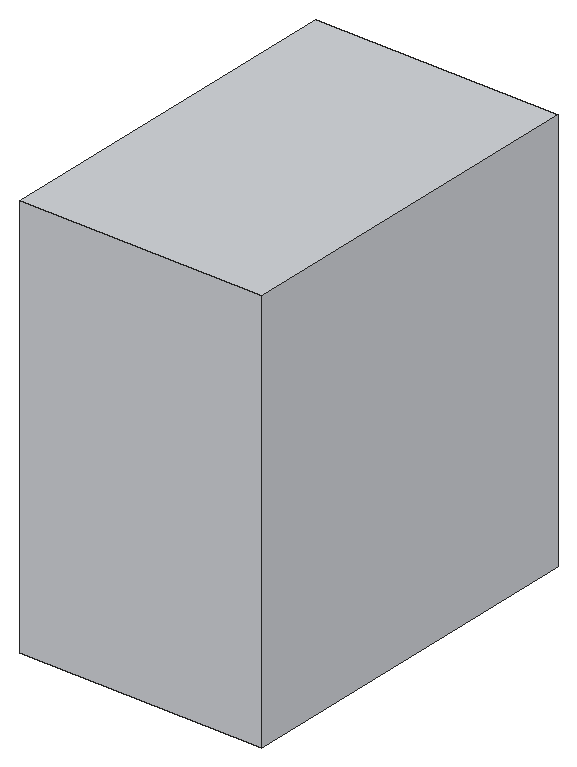
Revit family
Parameters
  Warranty Duration (Years) = 0
  Unit Width [instance] = 1' - 2 1/4"
  Unit Height [instance] = 2' - 4"
  Unit Depth = 0' - 0 15/16"
  URL = "http://www.americanspecialties.com/viewCategories.cfm"
  Trim Material = Metal - Stainless Steel
  Test Data = ""
  Specification = "http://www.arcat.com/sdspecs/htm/10810asi.htm"
  SpecWizard = ""
  Send Message = "http://www.arcat.com/users.pl?action=UserEmail&company=American%20Specialties,%20Inc.&coid=30448&rep=139&fax=914-476-0688&mf="
  Sales Information = "http://www.americanspecialties.com/contact"
  Revision = "R1_10-2010"
  Product Properties = "http://www.americanspecialties.com/datasheets/94623.pdf"
  Product Data = "http://www.arcat.com/arcatcos/cos30/arc30448.html"
  Model = "As Specified in 10 28 13"
  Manufacturer Website = "http://www.americanspecialties.com/viewCategories.cfm"
  Manufacturer Phone - Toll Free = ""
  Manufacturer Phone = "914-476-9000 "
  Manufacturer Fax = "914-476-0688"
  Manufacturer Address = "441 Saw Mill River Rd., Yonkers, NY 10701"
  Manufacturer = "American Specialties, Inc."
  Maintenance Schedule (Months) = 0
  Keynote = "10 28 13"
  Installation-Fabrication = "http://www.americanspecialties.com/products.cfm"
  Green Building-LEED = ""
  Expected Lifespan (Years) = 0
  Drawn By = "Robert S. Weygant. CSI, CDT, SCIP"  # constant formula
  Description = "Toilet Accessory as Specified in 10 28 13"
  Default Elevation = 4' - 0"
  Copyright = "©Arcat Inc."
  Construction Details = "http://www.arcat.com/green/clients/leed_data_30448.html"
  Building Codes = "http://www.americanspecialties.com/products.cfm"
  Body Material = Metal - Stainless Steel
  Assembly Code = "C1030210"
Reference planes (in)
  plane 1 "Center (Front/Back)": y = -0.29112
  plane 2 "Floor Line": z = 0
  plane 3 "Center (Left/Right)": x = -0.65843
Forms (in)
  Extrusion 1, solid
    sketch origin (-3, -9, -6) x (0, 0, -1) y (1, 0, 0)
      loop
        line (-82, 26) -> (-82, -19.34712) -> (-6, -19.34712) -> (-6, 26) -> (-82, 26)
    from 28.29112 to -41.06337
  Extrusion 2, solid, material "Metal - Stainless Steel" <- "Body Material"
    sketch origin (0, 0, 0) x (1, 0, 0) y (0, 1, 0)
      loop
        line (-6.78343, 12.70888) -> (-6.78343, -13.29112) -> (5.46657, -13.29112) -> (5.46657, 12.70888) -> (-6.78343, 12.70888)
    from 0 to -4
  Extrusion 3, solid, material "Metal - Stainless Steel" <- "Body Material"
    sketch origin (-0.90625, -0.29112, 0) x (1, 0, 0) y (0, 0, 1)
      loop
        line (-6.87718, 0) -> (7.37282, 0) -> (7.37282, 0.1875)
        arc (7.37282, 0.1875) -> (7.15315, 0.71783) -> (6.62282, 0.9375) r 0.75
        line (6.62282, 0.9375) -> (-6.12718, 0.9375)
        arc (-6.12718, 0.9375) -> (-6.65751, 0.71783) -> (-6.87718, 0.1875) r 0.75
        line (-6.87718, 0.1875) -> (-6.87718, 0)
    from -14 to 14
  Extrusion 4, void
    sketch origin (-0.65843, 0, 0) x (0, 1, 0) y (0, 0, 1)
      loop
        line (0.70888, -3.87246) -> (2.70888, 0) -> (2.70888, 0.9375) -> (-3.29112, 0.9375) -> (-3.29112, -3.87246) -> (0.70888, -3.87246)
    from -6.09375 to 6.09375
  Extrusion 5, void
    sketch origin (-0.65843, 0, 0) x (0, 1, 0) y (0, 0, 1)
      loop
        line (-3.29112, -0.03125) -> (-13.2776, -0.03125) -> (-13.2776, -3.87246) -> (-3.29112, -3.87246) -> (-3.29112, -0.03125)
    from -6.09375 to 6.09375
  Extrusion 6, void
    sketch origin (-34, -5.1136, 3.20225) x (1, 0, 0) y (0, 0.458881, 0.888498)
      loop
        line (28.09288, -1.93126) -> (28.85535, -1.93126)
        arc (28.85535, -1.93126) -> (33.22411, -2.34853) -> (37.59288, -1.93126) r 23.07885
        line (37.59288, -1.93126) -> (38.36783, -1.93126)
        arc (38.36783, -1.93126) -> (38.54891, -1.67833) -> (38.35535, -1.43482) r 0.2582
        line (38.35535, -1.43482) -> (37.60535, -1.43482)
        arc (37.60535, -1.43482) -> (33.23035, -0.48426) -> (28.85535, -1.43482) r 10.54338
        line (28.85535, -1.43482) -> (28.10535, -1.43482)
        arc (28.10535, -1.43482) -> (27.91179, -1.67833) -> (28.09288, -1.93126) r 0.2582
    from -8.41971 to -8.56412
  Extrusion 7, solid, material "Metal - Stainless Steel" <- "Trim Material"
    sketch origin (0, 0, 0) x (1, 0, 0) y (0, 1, 0)
      loop
        circle (-5.78343, -8.28501) r 0.5
      loop
        line (-5.84025, -7.86636) -> (-5.84025, -8.71587) -> (-5.72662, -8.71587) -> (-5.72662, -7.86636) -> (-5.84025, -7.86636)
      loop
        circle (-5.78343, 7.70277) r 0.5
      loop
        line (-5.84025, 7.28413) -> (-5.72662, 7.28413) -> (-5.72662, 8.13364) -> (-5.84025, 8.13364) -> (-5.84025, 7.28413)
    from 0.9375 to 1
  Extrusion 8, void
    sketch origin (0, 0, 0) x (1, 0, 0) y (0, 1, 0)
      loop
        line (-6.78343, 12.70888) -> (-6.78343, -13.29112) -> (5.46657, -13.29112) -> (5.46657, 12.70888) -> (-6.78343, 12.70888)
    from 0 to -4.05961
Cuts and joins
  Extrusion 4, Extrusion 5, Extrusion 6 cuts Extrusion 2
  Extrusion 4 cuts Extrusion 3
Dimensions and locks (in)
  Extrusion 3 sketch curve to Extrusion 3 sketch curve = 1' - 2 1/4"
  Extrusion 3 sketch curve to Extrusion 3 sketch curve = 0' - 0 15/16"
  radius of Extrusion 3 sketch curve = 0' - 0 3/4"  (x2)
  aligned and locked: Extrusion 1 to level
  aligned and locked: cut or joined group of Extrusion 2, Extrusion 4, Extrusion 5, Extrusion 6 to cut or joined group of Extrusion 3, Extrusion 4
